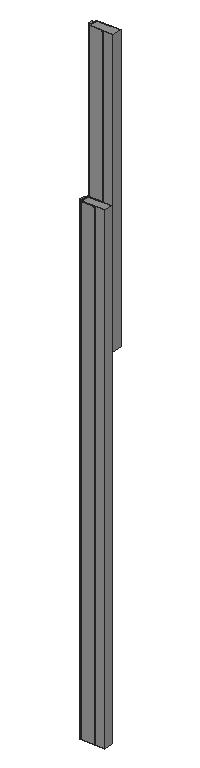
Revit family "STARC-REALWALL-INTERFACE-LEFT", category Specialty Equipment, Revit 2014
Parameters (values of type "S1-LWI")
  URL = "https://starcsystems.com/products/accessories/"
  Type Comments = "STARC SYSTEMS, INC REALWALL TEMPORARY CONTAINMENT SYSTEM LEFT WALL INTERFACE"
  Model = "S1-LWI"
  Manufacturer = "STARC SYSTEMS, INC."  # constant formula
  Interface Width [instance] = if(Gap Width > 0' 4 1/2", 0' 4 1/2", (if(Gap Width < 0' 2 3/4", 0' 2 3/4", Gap Width)))  # 0' - 4 1/2"
  Wall Height = 9' - 0"
  ICRA Class = "IV"  # constant formula
  Height = if(Wall Height > 10' 3", 10' 3", Wall Height)  # 9' - 0"
  Gap Width = 0' - 6"
  Description = "STARC SYSTEMS, INC REALWALL TEMPORARY CONTAINMENT SYSTEM LEFT WALL INTERFACE"  # constant formula
  Copyright = "Copyright 2002 STARC Systems, Inc."  # constant formula
  Assembly Code = "F1030900"
  ASTM Standard = "E-84 CLASS A"  # constant formula
Reference planes (in)
  plane 1 "Center (Front/Back)": y = 0
  plane 2: z = 0
  plane 3 "Panel Edge": x = 0
  plane 4: z = 82
  plane 5 "TopPanelTop": z = 108
  plane 6 "TopPanelBottom": z = 59.71875
  plane 7: x = -4.5
  plane 8: x = -4.125
  plane 9: x = -1.6875
  plane 10: x = -1.6875
  plane 11: y = 1.78125
  plane 12: y = -0.79688
  plane 13: y = 0.79687
  plane 14: y = 0.98437
  plane 15: y = 2.57812
  plane 16: y = 2.57812
Forms (in)
  Extrusion 1, solid, material "STARC-Frame"
    sketch origin (0, -0.79687, 0) x (1, 0, 0) y (0, 1, 0)
      loop
        line (-1.6875, 0) -> (-4.0625, 0) -> (-4.0625, 1.59375) -> (-1.6875, 1.59375) -> (-1.6875, 1.65625) -> (-4.125, 1.65625) -> (-4.125, -0.0625) -> (-1.6875, -0.0625) -> (-1.6875, 0)
    from 0 to 82
  Extrusion 2, solid, material "STARC-Gasket"
    sketch origin (0, -0.79687, 0) x (1, 0, 0) y (0, 1, 0)
      loop
        line (-4.5, 1.1875) -> (-4.5, 0.4375) -> (-4.125, 0.4375) -> (-4.125, 1.1875) -> (-4.5, 1.1875)
    from 0 to 82
  Extrusion 3, solid, material "STARC-Frame"
    sketch origin (0, -0.79687, 0) x (1, 0, 0) y (0, 1, 0)
      loop
        line (-4.0625, 1.59375) -> (-4.0625, 0) -> (0, 0) -> (0, 1.59375) -> (-4.0625, 1.59375)
    from 0 to 82
  Extrusion 4, solid, material "STARC-Frame"
    sketch origin (0, 0.98438, 0) x (1, 0, 0) y (0, 1, 0)
      loop
        line (-1.6875, 0) -> (-4.0625, 0) -> (-4.0625, 1.59375) -> (-1.6875, 1.59375) -> (-1.6875, 1.65625) -> (-4.125, 1.65625) -> (-4.125, -0.0625) -> (-1.6875, -0.0625) -> (-1.6875, 0)
    from 59.71875 to 108 <- "Height"
  Extrusion 5, solid, material "STARC-Gasket"
    sketch origin (0, 0.98438, 0) x (1, 0, 0) y (0, 1, 0)
      loop
        line (-4.5, 1.1875) -> (-4.5, 0.4375) -> (-4.125, 0.4375) -> (-4.125, 1.1875) -> (-4.5, 1.1875)
    from 59.71875 to 108 <- "Height"
  Extrusion 6, solid, material "STARC-Frame"
    sketch origin (0, 0.98438, 0) x (1, 0, 0) y (0, 1, 0)
      loop
        line (-4.0625, 1.59375) -> (-4.0625, 0) -> (0, 0) -> (0, 1.59375) -> (-4.0625, 1.59375)
    from 59.71875 to 108 <- "Height"
Dimensions and locks (in)
  locked: plane 4 to level at 82
  locked: plane 5 "TopPanelTop" to plane 6 "TopPanelBottom" at 48.28125
  "Height": plane 5 "TopPanelTop" to level
  "Interface Width": plane 7 to plane 3 "Panel Edge"
  locked: plane 7 to plane 8 at 0.375
  locked: plane 8 to Extrusion 1 sketch curve at 0.0625
  locked: plane 8 to plane 9 at 2.4375
  Extrusion 2 sketch curve to plane 1 "Center (Front/Back)" = 0' - 0 23/64"
  locked: Extrusion 2 sketch curve to Extrusion 2 sketch curve at 0.75
  locked: Extrusion 5 sketch curve to Extrusion 5 sketch curve at 0.75
  plane 14 to plane 11 to plane 15 = 0' - 0 51/64" locked, 0' - 0 51/64" locked
  plane 12 to plane 13 = 0' - 1 19/32"
  locked: plane 16 to plane 12 at 3.375
  locked: plane 8 to plane 10 at 2.4375
  aligned and locked: plane 2 to level
  aligned and locked: Extrusion 1 to level
  aligned and locked: plane 4 to Extrusion 1
  aligned and locked: Extrusion 1 sketch curve to plane 9  (x2)
  aligned and locked: Extrusion 2 sketch curve to plane 8
  aligned and locked: plane 7 to Extrusion 2 sketch curve
  aligned and locked: Extrusion 2 to level
  aligned and locked: plane 4 to Extrusion 2
  aligned and locked: plane 4 to Extrusion 3
  aligned and locked: Extrusion 3 to level
  aligned and locked: Extrusion 6 to plane 6 "TopPanelBottom"
  aligned and locked: Extrusion 4 to plane 6 "TopPanelBottom"
  aligned and locked: Extrusion 5 to plane 6 "TopPanelBottom"
Automatic sketch dimensions
  Extrusion 1 sketch curve to plane 8 = 0' - 0"
  plane 1 "Center (Front/Back)" to Extrusion 1 sketch curve = 0' - 0 51/64"
  Extrusion 1 sketch curve to Extrusion 1 sketch curve = 0' - 0 1/16"  (x2)
  Extrusion 1 sketch curve to plane 1 "Center (Front/Back)" = 0' - 0 51/64"
  plane 1 "Center (Front/Back)" to Extrusion 3 sketch curve = 0' - 0 51/64"
  Extrusion 3 sketch curve to plane 3 "Panel Edge" = 0' - 0"
  plane 8 to Extrusion 3 sketch curve = 0' - 0 1/16"
  Extrusion 3 sketch curve to plane 1 "Center (Front/Back)" = 0' - 0 51/64"
  Extrusion 4 sketch curve to plane 8 = 0' - 0"
  plane 8 to Extrusion 4 sketch curve = 0' - 0 1/16"
  Extrusion 4 sketch curve to plane 1 "Center (Front/Back)" = 0' - 0 59/64"
  Extrusion 4 sketch curve to Extrusion 4 sketch curve = 0' - 0 1/16"  (x2)
  Extrusion 4 sketch curve to Extrusion 4 sketch curve = 0' - 1 19/32"
  Extrusion 5 sketch curve to plane 7 = 0' - 0"
  Extrusion 5 sketch curve to plane 8 = 0' - 0"
  Extrusion 5 sketch curve to plane 1 "Center (Front/Back)" = 0' - 1 27/64"
  Extrusion 6 sketch curve to plane 3 "Panel Edge" = 0' - 0"
  plane 8 to Extrusion 6 sketch curve = 0' - 0 1/16"
  Extrusion 6 sketch curve to plane 1 "Center (Front/Back)" = 0' - 0 63/64"
  Extrusion 6 sketch curve to Extrusion 6 sketch curve = 0' - 1 19/32"
  Extrusion 4 sketch curve to plane 10 = 0' - 0"  (x2)
